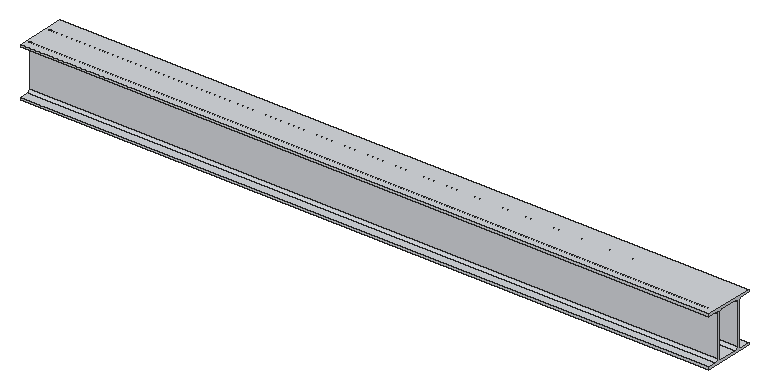
Revit family "2IPE220", category Structural Framing, Revit 2018
Family settings
  Section Shape = I-shape Parallel Flange
  Material for Model Behavior = Steel
  Always export as geometry = No
  OmniClass Number = 23.25.30.11.14.14
  OmniClass Title = Beams
  Always vertical = Yes
  Cut with Voids When Loaded = No
  Symbolic Representation = From Family
  Shared = No
  Show family pre-cut in plan views = Yes
Parameters
  Length [instance] = 3000 mm
Reference planes
  plane 1 "Center (Front/Back)": y = 0
  plane 2 "Center Elevation": z = 0
  plane 3 "Center (Left/Right)": x = 0
  plane 4 "Left": x = -1500
  plane 5 "Member Left": x = -1250
  plane 6 "Stick Symbol Left": x = -1000
  plane 7 "Right": x = 1500
  plane 8 "Member Right": x = 1250
  plane 9 "Stick Symbol Right": x = 1000
Forms (mm)
  Sweep 1, solid
    path origin (0, 0, 0) x (1, 0, 0) y (0, 1, 0)
      loop
        line (-1524, 0) -> (1524, 0)
    profile origin (0, 0, 0) x (0, 1, 0) y (0, 0, 1)
      loop
        line (0, 110) -> (-110, 110) -> (-110, 100.79) -> (-70.023, 100.79)
        arc (-70.023, 100.79) -> (-61.522, 97.268) -> (-58, 88.766) r 12.023
        line (-58, 88.766) -> (-58, 0) -> (-58, -88.766)
        arc (-58, -88.766) -> (-61.522, -97.268) -> (-70.023, -100.79) r 12.023
        line (-70.023, -100.79) -> (-110, -100.79) -> (-110, -110) -> (0, -110) -> (110, -110) -> (110, -100.79) -> (70.023, -100.79)
        arc (70.023, -100.79) -> (61.522, -97.268) -> (58, -88.766) r 12.023
        line (58, -88.766) -> (58, 0) -> (58, 88.766)
        arc (58, 88.766) -> (61.522, 97.268) -> (70.023, 100.79) r 12.023
        line (70.023, 100.79) -> (110, 100.79) -> (110, 110) -> (0, 110)
      loop
        arc (52, 88.766) -> (48.478, 97.268) -> (39.977, 100.79) r 12.023
        line (39.977, 100.79) -> (0, 100.79) -> (-39.977, 100.79)
        arc (-39.977, 100.79) -> (-48.478, 97.268) -> (-52, 88.766) r 12.023
        line (-52, 88.766) -> (-52, 0) -> (-52, -88.766)
        arc (-52, -88.766) -> (-48.478, -97.268) -> (-39.977, -100.79) r 12.023
        line (-39.977, -100.79) -> (0, -100.79) -> (39.977, -100.79)
        arc (39.977, -100.79) -> (48.478, -97.268) -> (52, -88.766) r 12.023
        line (52, -88.766) -> (52, 0) -> (52, 88.766)
Lines and regions (mm)
  model lines, style "Stick Symbols", detail levels coarse
    curve 1: line (-1000, 0, 0) -> (1000, 0, 0)
Dimensions and locks
  equal spacing: plane 4 "Left", plane 3 "Center (Left/Right)", plane 7 "Right"
  "Length": plane 4 "Left" to plane 7 "Right"
  aligned and locked: plane 1 "Center (Front/Back)" to curve 1
  aligned and locked: plane 6 "Stick Symbol Left" to curve 1
  aligned and locked: plane 9 "Stick Symbol Right" to curve 1
  aligned and locked: level to plane 2 "Center Elevation"
Automatic sketch dimensions
  Sweep 1 sketch curve to plane 1 "Center (Front/Back)" = 0 mm
  plane 4 "Left" to Sweep 1 sketch curve = 24 mm
  Sweep 1 sketch curve to plane 7 "Right" = 24 mm
  Sweep 1 sketch curve to level = 0 mm  (x4)
  Sweep 1 sketch curve to profile plane = 0 mm  (x4)
  profile plane to Sweep 1 sketch curve = 39.977 mm  (x2)
  Sweep 1 sketch curve to Sweep 1 sketch curve = 12.023 mm  (x6)
  Sweep 1 sketch curve to Sweep 1 sketch curve = 6 mm  (x2)
  Sweep 1 sketch curve to Sweep 1 sketch curve = 39.977 mm  (x4)
  Sweep 1 sketch curve to profile plane = 39.977 mm  (x2)
  Sweep 1 sketch curve to level = 88.766 mm
  Sweep 1 sketch curve to Sweep 1 sketch curve = 0 mm  (x4)
  Sweep 1 sketch curve to Sweep 1 sketch curve = 9.21 mm  (x2)
  level to Sweep 1 sketch curve = 88.766 mm
